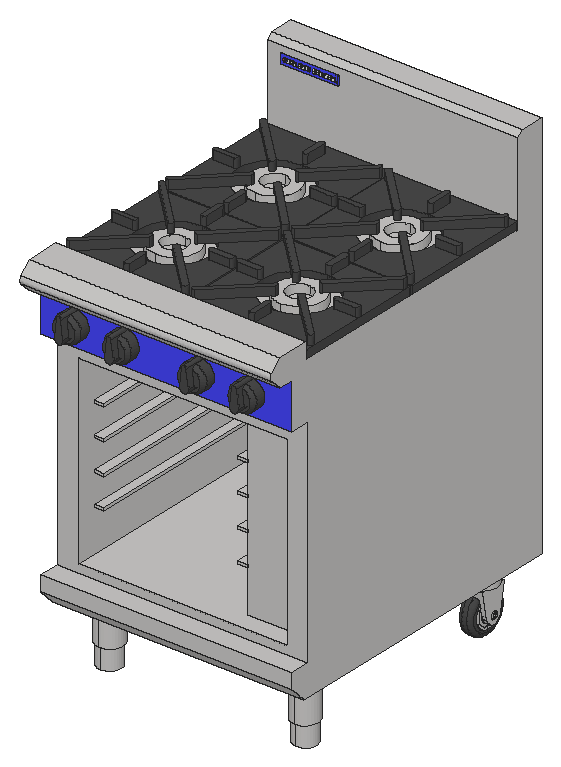
Revit family "QF_MOFFAT_BLUESEAL_CE_G514D-CB", category Specialty Equipment, Revit 2012
Parameters
  Weight in Pounds = 176  # constant formula
  Width [instance] = 600.00 mm  # constant formula
  URL Cutsheet = "www.moffat.com"
  URL = "www.moffat.com"
  Type Mark [instance] = ""
  Status [instance] = ""
  Specification by User [instance] = ""
  Specification by Manufacturer = ""
  Show Logo [instance] = yes
  Show Casters [instance] = yes
  Serial Number = ""
  Seismic Rating = ""
  SMACNA No = ""
  Revision Code [instance] = ""
  Omniclass Number and Title = ""
  NAFEM Spec ID Number = ""
  Model = "G514D-CB"
  Mechanical Remarks = ""
  Mechanical Connection Type = ""
  Masterspec = ""
  Manufacturer = "MOFFAT BLUESEAL"
  Legs [instance] = not(Show Casters)  # no
  Item Number [instance] = ""
  Installed By [instance] = ""
  Identify Quantity as Lot [instance] = yes
  Height = 1085.00 mm  # constant formula
  Gas Size = 3/4"
  Gas RI Height = 0.00 mm
  Gas KW = 28
  Gas Input = 96400.0 Btu/h
  Gas Connection Height = 0.00 mm
  Furnished By [instance] = ""
  Foodservice Equipment Identifier [instance] = yes
  Description = "600MM GAS COOK TOP ON CABINET BASE"
  Depth [instance] = 812.00 mm  # constant formula
  CSI MasterFormat = ""
  CSI Master Format = ""
  Back Splash [instance] = 215.00 mm  # constant formula
Reference planes
  plane 1 "BACK": y = 0
  plane 2: z = 0
  plane 3 "LEFT": x = 0
  plane 4 "RIGHT": x = 600
  plane 5 "FRONT": y = -812
  plane 6 "TOP": z = 970
  plane 7 "Center Y": x = 300
  plane 8 "Center X": y = -406
  plane 9 "Base Height": z = 150
  plane 10: z = 915
  plane 11: x = 65
  plane 12: x = 534
  plane 13: y = -625
  plane 14: y = -100
  plane 15: x = 470
  plane 16: z = 655
  plane 17: y = -32
  plane 18: z = 1085
Forms (mm)
  Extrusion 1, solid, material "QF_Finishes_Stainless Steel"
    sketch origin (0, 0, 0) x (0, 1, 0) y (0, 0, 1)
      loop
        line (-100, 150) -> (0, 150) -> (0, 1085) -> (-57.5, 1085) -> (-70, 1072.5) -> (-70, 875) -> (-705, 875) -> (-705, 915) -> (-783.97, 915) -> (-808.485, 890.485)
        arc (-808.485, 890.485) -> (-811.999, 882) -> (-808.485, 873.515) r 12
        line (-808.485, 873.515) -> (-784.97, 850) -> (-749, 850) -> (-749, 740) -> (-100, 740) -> (-100, 150)
      loop
        line (-749, 186) -> (-713, 150) -> (-699, 150) -> (-699, 222.5) -> (-749, 222.5) -> (-749, 186)
    from 0 to 600
  Revolve 2, solid, material "QF_Finishes_Stainless Steel", visible <- "Legs"
    sketch origin (534, -210, 0) x (0, 1, 0) y (0, 0, -1)
      loop
        line (78.25, -150) -> (110, -150) -> (110, 0) -> (82.5, 0) -> (82.5, -50) -> (78.25, -50) -> (78.25, -150)
      axis (110, -150) -> (110, 0)
    angle from 0 to 360
  Revolve 3, solid, material "QF_Finishes_Stainless Steel"
    sketch origin (534, -735, 0) x (0, 1, 0) y (0, 0, -1)
      loop
        line (78.25, -150) -> (110, -150) -> (110, 0) -> (82.5, 0) -> (82.5, -50) -> (78.25, -50) -> (78.25, -150)
      axis (110, -150) -> (110, 0)
    angle from 0 to 360
  Revolve 4, solid, material "QF_Finishes_Stainless Steel", visible <- "Legs"
    sketch origin (65, -210, 0) x (0, 1, 0) y (0, 0, -1)
      loop
        line (78.25, -150) -> (110, -150) -> (110, 0) -> (82.5, 0) -> (82.5, -50) -> (78.25, -50) -> (78.25, -150)
      axis (110, -150) -> (110, 0)
    angle from 0 to 360
  Revolve 5, solid, material "QF_Finishes_Stainless Steel"
    sketch origin (65, -735, 0) x (0, 1, 0) y (0, 0, -1)
      loop
        line (78.25, -150) -> (110, -150) -> (110, 0) -> (82.5, 0) -> (82.5, -50) -> (78.25, -50) -> (78.25, -150)
      axis (110, -150) -> (110, 0)
    angle from 0 to 360
  Revolve 6, solid, material "QF_Finishes_Black"
    sketch origin (90, 7, 600) x (0, 1, 0) y (0, 0, -1)
      loop
        line (-789, -229.5) -> (-766, -229.5) -> (-766, -202) -> (-756, -202) -> (-756, -197) -> (-800, -197) -> (-800, -223.651) -> (-789, -229.5)
      axis (-800, -197) -> (-756, -197)
    angle from 0 to 360
  Extrusion 7, solid, material "QF_Finishes_Black"
    sketch origin (228.27, 0, 600.158) x (-1, 0, 0) y (0, 0, -1)
      loop
        line (143.2, -228.94) -> (148.689, -184.854)
        arc (148.689, -184.854) -> (137.617, -174.355) -> (127.782, -186.021) r 10.487
        line (127.782, -186.021) -> (133.203, -228.94)
        arc (133.203, -228.94) -> (138.201, -233.827) -> (143.2, -228.94) r 5
    from 759 to 808
  Extrusion 8, solid, material "QF_Finishes_Stainless Steel"
    sketch origin (0, -699, 685) x (1, 0, 0) y (0, -1, 0)
      loop
        circle (470, -667) r 13.5
    from -55 to 30
  Extrusion 9, solid, material "QF_Finishes_Stainless Steel"
    sketch origin (0, -100, 685) x (0, 0, 1) y (-1, 0, 0)
      loop
        line (-535, 0) -> (-535, -600) -> (55, -600) -> (55, 0) -> (-535, 0)
      loop
        line (0, -50) -> (-442.5, -50) -> (-442.5, -550) -> (0, -550) -> (0, -50)
    from 0 to 599
  Extrusion 10, solid, material "QF_Finishes_Stainless Steel"
    sketch origin (0, -100, 685) x (0, 0, 1) y (-1, 0, 0)
      loop
        line (-266.25, -50) -> (-266.25, -75) -> (-259.9, -75) -> (-259.9, -50) -> (-266.25, -50)
      loop
        line (-184.9, -75) -> (-184.9, -50) -> (-191.25, -50) -> (-191.25, -75) -> (-184.9, -75)
      loop
        line (-341.25, -50) -> (-341.25, -75) -> (-334.9, -75) -> (-334.9, -50) -> (-341.25, -50)
      loop
        line (-109.9, -75) -> (-109.9, -50) -> (-116.25, -50) -> (-116.25, -75) -> (-109.9, -75)
      loop
        line (-266.25, -419.5) -> (-259.9, -419.5) -> (-259.9, -394.5) -> (-266.25, -394.5) -> (-266.25, -419.5)
      loop
        line (-184.9, -394.5) -> (-191.25, -394.5) -> (-191.25, -419.5) -> (-184.9, -419.5) -> (-184.9, -394.5)
      loop
        line (-341.25, -419.5) -> (-334.9, -419.5) -> (-334.9, -394.5) -> (-341.25, -394.5) -> (-341.25, -419.5)
      loop
        line (-109.9, -394.5) -> (-116.25, -394.5) -> (-116.25, -419.5) -> (-109.9, -419.5) -> (-109.9, -394.5)
    from 0 to 554
  Extrusion 11, solid, material "QF_Finishes_Stainless Steel"
    sketch origin (0, -100, 685) x (0, 0, 1) y (-1, 0, 0)
      loop
        line (0, -550) -> (0, -419.5) -> (-442.5, -419.5) -> (-442.5, -550) -> (0, -550)
    from 546.898 to 554
  Extrusion 12, void
    sketch origin (0, 0, 150) x (-1, 0, 0) y (0, -1, 0)
      loop
        line (-535.614, 87.26) -> (-535.614, -30.24) -> (-406.114, -30.24) -> (-406.114, 38.76) -> (-454.614, 87.26) -> (-535.614, 87.26)
    from 72.5 to 590
  Revolve 13, solid, material "QF_Finishes_Black"
    sketch origin (390, 7, 600) x (0, 1, 0) y (0, 0, -1)
      loop
        line (-789, -229.5) -> (-766, -229.5) -> (-766, -202) -> (-756, -202) -> (-756, -197) -> (-800, -197) -> (-800, -223.651) -> (-789, -229.5)
      axis (-800, -197) -> (-756, -197)
    angle from 0 to 360
  Extrusion 14, solid, material "QF_Finishes_Black"
    sketch origin (528.27, 0, 600.158) x (-1, 0, 0) y (0, 0, -1)
      loop
        line (143.2, -228.94) -> (148.689, -184.854)
        arc (148.689, -184.854) -> (137.617, -174.355) -> (127.782, -186.021) r 10.487
        line (127.782, -186.021) -> (133.203, -228.94)
        arc (133.203, -228.94) -> (138.201, -233.827) -> (143.2, -228.94) r 5
    from 759 to 808
  Revolve 15, solid, material "QF_Finishes_Stainless Steel", visible <- "Legs"
    sketch origin (65, -165, 0) x (0, 1, 0) y (0, 0, 1)
      loop
        line (34.25, 150) -> (34.25, 50) -> (38.5, 50) -> (38.5, 0) -> (66, 0) -> (66, 150) -> (34.25, 150)
      axis (66, 150) -> (66, 0)
    angle from 0 to 360
  Revolve 16, solid, material "QF_Finishes_Stainless Steel", visible <- "Legs"
    sketch origin (535, -165, 0) x (0, 1, 0) y (0, 0, -1)
      loop
        line (34.25, -150) -> (66, -150) -> (66, 0) -> (38.5, 0) -> (38.5, -50) -> (34.25, -50) -> (34.25, -150)
      axis (66, -150) -> (66, 0)
    angle from 0 to 360
  Revolve 17, solid, material "QF_Finishes_Stainless Steel", visible <- "Show Casters"
    sketch origin (15.776, -99.755, -13.653) x (1, 0, 0) y (0, 0, 1)
      loop
        line (14.841, 63.604) -> (83.584, 63.604) -> (83.584, 67.109) -> (82.314, 68.379) -> (80.79, 68.379) -> (80.79, 71.826) -> (68.644, 71.826) -> (68.644, 81.79) -> (65.088, 83.843) -> (63.738, 92.179) -> (65.881, 92.179) -> (65.881, 98.529) -> (65.088, 98.529) -> (65.088, 104.879)
        arc (65.088, 104.879) -> (62.298, 111.614) -> (55.563, 114.404) r 9.525
        line (55.563, 114.404) -> (42.863, 114.404)
        arc (42.863, 114.404) -> (36.127, 111.614) -> (33.338, 104.879) r 9.525
        line (33.338, 104.879) -> (33.338, 98.529) -> (32.544, 98.529) -> (32.544, 92.179) -> (34.687, 92.179) -> (33.352, 83.932) -> (29.782, 81.871) -> (29.782, 71.826) -> (17.635, 71.826) -> (17.635, 68.379) -> (16.111, 68.379) -> (14.841, 67.109) -> (14.841, 63.604)
      axis (14.841, 63.604) -> (83.584, 63.604)
    angle from 0 to 360
  Extrusion 18, solid, material "QF_Finishes_Stainless Steel", visible <- "Show Casters"
    sketch origin (71.501, 133.353, -8.783) x (0, 1, 0) y (0, 0, 1)
      loop
        line (-200.603, 118.783) -> (-264.103, 118.783) -> (-251.746, 53.895)
        arc (-251.746, 53.895) -> (-232.353, 38.783) -> (-212.959, 53.895) r 20
        line (-212.959, 53.895) -> (-200.603, 118.783)
    from -35.667 to 22.923
  Revolve 19, solid, material "QF_Finishes_Stainless Steel", visible <- "Show Casters"
    sketch origin (65, -203, 0) x (0, 1, 0) y (0, 0, 1)
      loop
        line (68.25, 150) -> (68.25, 110) -> (104, 110) -> (104, 150) -> (68.25, 150)
      axis (104, 150) -> (104, 110)
    angle from 0 to 360
  Revolve 20, solid, material "QF_Finishes_Stainless Steel", visible <- "Legs"
    sketch origin (65, -165, 0) x (0, 1, 0) y (0, 0, 1)
      loop
        line (34.25, 150) -> (34.25, 50) -> (38.5, 50) -> (38.5, 0) -> (66, 0) -> (66, 150) -> (34.25, 150)
      axis (66, 150) -> (66, 0)
    angle from 0 to 360
  Revolve 21, solid, material "QF_Finishes_Stainless Steel", visible <- "Show Casters"
    sketch origin (485.776, -99.755, -13.653) x (1, 0, 0) y (0, 0, 1)
      loop
        line (14.841, 63.604) -> (83.584, 63.604) -> (83.584, 67.109) -> (82.314, 68.379) -> (80.79, 68.379) -> (80.79, 71.826) -> (68.644, 71.826) -> (68.644, 81.79) -> (65.088, 83.843) -> (63.738, 92.179) -> (65.881, 92.179) -> (65.881, 98.529) -> (65.088, 98.529) -> (65.088, 104.879)
        arc (65.088, 104.879) -> (62.298, 111.614) -> (55.563, 114.404) r 9.525
        line (55.563, 114.404) -> (42.863, 114.404)
        arc (42.863, 114.404) -> (36.127, 111.614) -> (33.338, 104.879) r 9.525
        line (33.338, 104.879) -> (33.338, 98.529) -> (32.544, 98.529) -> (32.544, 92.179) -> (34.687, 92.179) -> (33.352, 83.932) -> (29.782, 81.871) -> (29.782, 71.826) -> (17.635, 71.826) -> (17.635, 68.379) -> (16.111, 68.379) -> (14.841, 67.109) -> (14.841, 63.604)
      axis (14.841, 63.604) -> (83.584, 63.604)
    angle from 0 to 360
  Extrusion 22, solid, material "QF_Finishes_Stainless Steel", visible <- "Show Casters"
    sketch origin (541.501, 133.353, -8.783) x (0, 1, 0) y (0, 0, 1)
      loop
        line (-200.603, 118.783) -> (-264.103, 118.783) -> (-251.746, 53.895)
        arc (-251.746, 53.895) -> (-232.353, 38.783) -> (-212.959, 53.895) r 20
        line (-212.959, 53.895) -> (-200.603, 118.783)
    from -35.667 to 22.923
  Revolve 23, solid, material "QF_Finishes_Stainless Steel", visible <- "Show Casters"
    sketch origin (535, -203, 0) x (0, 1, 0) y (0, 0, 1)
      loop
        line (68.25, 150) -> (68.25, 110) -> (104, 110) -> (104, 150) -> (68.25, 150)
      axis (104, 150) -> (104, 110)
    angle from 0 to 360
  Revolve 24, solid, material "QF_Finishes_Black"
    sketch origin (510, 7, 600) x (0, 1, 0) y (0, 0, -1)
      loop
        line (-789, -229.5) -> (-766, -229.5) -> (-766, -202) -> (-756, -202) -> (-756, -197) -> (-800, -197) -> (-800, -223.651) -> (-789, -229.5)
      axis (-800, -197) -> (-756, -197)
    angle from 0 to 360
  Extrusion 25, solid, material "QF_Finishes_Black"
    sketch origin (648.27, 0, 600.158) x (-1, 0, 0) y (0, 0, -1)
      loop
        line (143.2, -228.94) -> (148.689, -184.854)
        arc (148.689, -184.854) -> (137.617, -174.355) -> (127.782, -186.021) r 10.487
        line (127.782, -186.021) -> (133.203, -228.94)
        arc (133.203, -228.94) -> (138.201, -233.827) -> (143.2, -228.94) r 5
    from 759 to 808
  Revolve 26, solid, material "QF_Finishes_Black"
    sketch origin (210, 7, 600) x (0, 1, 0) y (0, 0, -1)
      loop
        line (-789, -229.5) -> (-766, -229.5) -> (-766, -202) -> (-756, -202) -> (-756, -197) -> (-800, -197) -> (-800, -223.651) -> (-789, -229.5)
      axis (-800, -197) -> (-756, -197)
    angle from 0 to 360
  Extrusion 27, solid, material "QF_Finishes_Black"
    sketch origin (348.27, 0, 600.158) x (-1, 0, 0) y (0, 0, -1)
      loop
        line (143.2, -228.94) -> (148.689, -184.854)
        arc (148.689, -184.854) -> (137.617, -174.355) -> (127.782, -186.021) r 10.487
        line (127.782, -186.021) -> (133.203, -228.94)
        arc (133.203, -228.94) -> (138.201, -233.827) -> (143.2, -228.94) r 5
    from 759 to 808
Cuts and joins
  Extrusion 12 cuts Extrusion 1
  joined: Extrusion 1, Extrusion 9
Lines and regions (mm)
  Split face 1
    outline origin (600, 0, 1085) x (-1, 0, 0) y (0, -1, 0)
      loop
        arc (35.206, 45.385) -> (26.545, 40.385) -> (26.545, 30.385) r 10
        line (26.545, 30.385) -> (30.587, 23.385)
        arc (30.587, 23.385) -> (34.247, 19.725) -> (39.247, 18.385) r 10
        line (39.247, 18.385) -> (267.206, 18.385)
        arc (267.206, 18.385) -> (275.866, 23.385) -> (275.866, 33.385) r 10
        line (275.866, 33.385) -> (271.824, 40.385)
        arc (271.824, 40.385) -> (268.164, 44.045) -> (263.164, 45.385) r 10
        line (263.164, 45.385) -> (35.206, 45.385)
  Split face 2
    outline origin (600, 0, 1085) x (-1, 0, 0) y (0, -1, 0)
      loop
        arc (335.206, 45.385) -> (326.545, 40.385) -> (326.545, 30.385) r 10
        line (326.545, 30.385) -> (330.587, 23.385)
        arc (330.587, 23.385) -> (334.247, 19.725) -> (339.247, 18.385) r 10
        line (339.247, 18.385) -> (567.206, 18.385)
        arc (567.206, 18.385) -> (575.866, 23.385) -> (575.866, 33.385) r 10
        line (575.866, 33.385) -> (571.824, 40.385)
        arc (571.824, 40.385) -> (568.164, 44.045) -> (563.164, 45.385) r 10
        line (563.164, 45.385) -> (335.206, 45.385)
  symbolic lines
    curve 1: line (0, 0, 0) -> (0, -812, 0)
    curve 2: line (600, 0, 0) -> (0, 0, 0)
    curve 3: line (600, -812, 0) -> (600, 0, 0)
    curve 4: line (0, -812, 0) -> (600, -812, 0)
    curve 13: line (0, -57.5, 150) -> (600, -57.5, 150)
    curve 14: line (0, -70, 150) -> (600, -70, 150)
    curve 15: line (0, -783.97, 150) -> (600, -783.97, 150)
    curve 16: line (32.794, -18.385, 0) -> (260.753, -18.385, 0)
    curve 17: arc (260.753, -18.385, 0) -> (265.753, -19.725, 0) -> (269.413, -23.385, 0) r 10
    curve 18: line (269.413, -23.385, 0) -> (273.455, -30.385, 0)
    curve 19: arc (273.455, -30.385, 0) -> (273.455, -40.385, 0) -> (264.794, -45.385, 0) r 10
    curve 20: line (264.794, -45.385, 0) -> (36.836, -45.385, 0)
    curve 21: arc (36.836, -45.385, 0) -> (31.836, -44.045, 0) -> (28.176, -40.385, 0) r 10
    curve 22: line (28.176, -40.385, 0) -> (24.134, -33.385, 0)
    curve 23: arc (24.134, -33.385, 0) -> (24.134, -23.385, 0) -> (32.794, -18.385, 0) r 10
    curve 24: line (332.794, -18.385, 0) -> (560.753, -18.385, 0)
    curve 25: arc (560.753, -18.385, 0) -> (565.753, -19.725, 0) -> (569.413, -23.385, 0) r 10
    curve 26: line (569.413, -23.385, 0) -> (573.455, -30.385, 0)
    curve 27: arc (573.455, -30.385, 0) -> (573.455, -40.385, 0) -> (564.794, -45.385, 0) r 10
    curve 28: line (564.794, -45.385, 0) -> (336.836, -45.385, 0)
    curve 29: arc (336.836, -45.385, 0) -> (331.836, -44.045, 0) -> (328.176, -40.385, 0) r 10
    curve 30: line (328.176, -40.385, 0) -> (324.134, -33.385, 0)
    curve 31: arc (324.134, -33.385, 0) -> (324.134, -23.385, 0) -> (332.794, -18.385, 0) r 10
  symbolic lines, style "SpecialityEquipmentHiddenLines", visible <- "Show Casters"
    curve 5: line (78.456, -46.735, 0) -> (105.952, -62.61, 0)
    curve 6: line (27.656, -134.723, 0) -> (78.456, -46.735, 0)
    curve 7: line (55.152, -150.598, 0) -> (27.656, -134.723, 0)
    curve 8: line (105.952, -62.61, 0) -> (55.152, -150.598, 0)
    curve 9: line (548.456, -46.735, 0) -> (575.952, -62.61, 0)
    curve 10: line (497.656, -134.723, 0) -> (548.456, -46.735, 0)
    curve 11: line (525.152, -150.598, 0) -> (497.656, -134.723, 0)
    curve 12: line (575.952, -62.61, 0) -> (525.152, -150.598, 0)
Dimensions and locks
  equal spacing: plane 3 "LEFT", plane 7 "Center Y", plane 4 "RIGHT"
  "Width": plane 3 "LEFT" to plane 4 "RIGHT"
  equal spacing: plane 5 "FRONT", plane 8 "Center X", plane 1 "BACK"
  "Depth": plane 5 "FRONT" to plane 1 "BACK"
  locked: plane 10 to level at 915
  locked: plane 9 "Base Height" to level at 150
  plane 6 "TOP" to plane 10 = 55.00 mm
  plane 13 to plane 14 = 525.00 mm
  plane 12 to plane 11 = 469.00 mm
  plane 15 to plane 4 "RIGHT" = 130.00 mm
  plane 16 to level = 655.00 mm
  plane 17 to plane 1 "BACK" = 32.00 mm
  "Height": plane 18 to plane 2
  Revolve 17 sketch curve to Revolve 17 sketch curve = 50.80 mm
  Revolve 21 sketch curve to Revolve 21 sketch curve = 50.80 mm
  Extrusion 8 sketch curve to plane 1 "BACK" = 32.00 mm
  aligned and locked: level to plane 2
Automatic sketch dimensions
  curve 1 to plane 3 "LEFT" = 0.00 mm
  curve 4 to plane 4 "RIGHT" = 0.00 mm
  plane 5 "FRONT" to curve 1 = 0.00 mm
  plane 1 "BACK" to curve 2 = 0.00 mm
  plane 3 "LEFT" to curve 7 = 27.656 mm
  curve 7 to plane 11 = 9.848 mm
  plane 11 to curve 6 = 13.456 mm
  plane 15 to curve 10 = 27.656 mm
  plane 12 to curve 11 = 8.848 mm
  curve 10 to plane 12 = 14.456 mm
  curve 12 to plane 14 = 50.598 mm
  curve 8 to plane 14 = 50.598 mm
  curve 7 to curve 7 = 15.875 mm
  curve 11 to curve 11 = 15.875 mm
  Extrusion 1 sketch curve to plane 10 = 0.00 mm
  Extrusion 1 sketch curve to plane 9 "Base Height" = 0.00 mm  (x2)
  Extrusion 1 sketch curve to plane 14 = 0.00 mm
  Extrusion 1 sketch curve to plane 18 = 0.00 mm
  Extrusion 1 sketch curve to plane 1 "BACK" = 0.00 mm
  Extrusion 1 sketch curve to plane 13 = 74.00 mm
  Extrusion 1 sketch curve to plane 10 = 40.00 mm
  Extrusion 1 sketch curve to plane 13 = 80.00 mm
  Extrusion 1 sketch curve to Extrusion 1 sketch curve = 14.00 mm
  Extrusion 1 sketch curve to Extrusion 1 sketch curve = 36.00 mm
  Extrusion 1 sketch curve to plane 5 "FRONT" = 63.00 mm
  Extrusion 1 sketch curve to plane 5 "FRONT" = 28.03 mm
  Extrusion 1 sketch curve to plane 5 "FRONT" = 27.03 mm
  Extrusion 1 sketch curve to plane 5 "FRONT" = 12.001 mm
  Extrusion 1 sketch curve to plane 5 "FRONT" = 3.515 mm  (x2)
  plane 14 to Extrusion 1 sketch curve = 30.00 mm
  Extrusion 1 sketch curve to Extrusion 1 sketch curve = 12.50 mm
  plane 9 "Base Height" to Extrusion 1 sketch curve = 36.00 mm
  Extrusion 1 sketch curve to Extrusion 1 sketch curve = 36.50 mm
  plane 16 to Extrusion 1 sketch curve = 85.00 mm
  Extrusion 1 sketch curve to Extrusion 1 sketch curve = 25.00 mm
  Extrusion 1 sketch curve to Extrusion 1 sketch curve = 23.515 mm
  Extrusion 1 sketch curve to Extrusion 1 sketch curve = 8.485 mm
  Extrusion 1 sketch curve to plane 18 = 12.50 mm
  Revolve 2 sketch curve to plane 9 "Base Height" = 0.00 mm
  Revolve 2 sketch curve to level = 0.00 mm
  Revolve 2 sketch curve to plane 14 = 0.00 mm  (x2)
  Revolve 2 sketch curve to plane 14 = 27.50 mm
  Revolve 2 sketch curve to plane 14 = 31.75 mm
  level to Revolve 2 sketch curve = 50.00 mm
  Revolve 2 sketch curve to Revolve 2 sketch curve = 0.00 mm
  Revolve 2 sketch curve to Revolve 2 sketch curve = 55.00 mm
  Revolve 3 sketch curve to plane 9 "Base Height" = 0.00 mm
  Revolve 3 sketch curve to level = 0.00 mm
  Revolve 3 sketch curve to plane 13 = 0.00 mm  (x2)
  Revolve 3 sketch curve to plane 13 = 27.50 mm
  Revolve 3 sketch curve to plane 13 = 31.75 mm
  level to Revolve 3 sketch curve = 50.00 mm
  Revolve 3 sketch curve to Revolve 3 sketch curve = 0.00 mm
  Revolve 3 sketch curve to Revolve 3 sketch curve = 55.00 mm
  Revolve 4 sketch curve to plane 9 "Base Height" = 0.00 mm
  Revolve 4 sketch curve to level = 0.00 mm
  Revolve 4 sketch curve to plane 14 = 0.00 mm  (x2)
  Revolve 4 sketch curve to plane 14 = 27.50 mm
  Revolve 4 sketch curve to plane 14 = 31.75 mm
  level to Revolve 4 sketch curve = 50.00 mm
  Revolve 4 sketch curve to Revolve 4 sketch curve = 0.00 mm
  Revolve 4 sketch curve to Revolve 4 sketch curve = 55.00 mm
  Revolve 5 sketch curve to plane 9 "Base Height" = 0.00 mm
  Revolve 5 sketch curve to level = 0.00 mm
  Revolve 5 sketch curve to plane 13 = 0.00 mm  (x2)
  Revolve 5 sketch curve to plane 13 = 27.50 mm
  Revolve 5 sketch curve to plane 13 = 31.75 mm
  level to Revolve 5 sketch curve = 50.00 mm
  Revolve 5 sketch curve to Revolve 5 sketch curve = 0.00 mm
  Revolve 5 sketch curve to Revolve 5 sketch curve = 55.00 mm
  Revolve 6 sketch curve to plane 5 "FRONT" = 19.00 mm
  Revolve 6 sketch curve to Revolve 6 sketch curve = 0.00 mm  (x2)
  Revolve 6 sketch curve to Revolve 6 sketch curve = 11.00 mm
  Revolve 6 sketch curve to Revolve 6 sketch curve = 12.70 mm
  Revolve 6 sketch curve to Revolve 6 sketch curve = 23.00 mm
  Revolve 6 sketch curve to Revolve 6 sketch curve = 10.00 mm
  Revolve 6 sketch curve to plane 10 = 85.50 mm
  Revolve 6 sketch curve to Revolve 6 sketch curve = 5.849 mm
  Revolve 6 sketch curve to Revolve 6 sketch curve = 27.50 mm
  Revolve 6 sketch curve to Revolve 6 sketch curve = 5.00 mm
  plane 11 to Extrusion 7 sketch curve = 35.487 mm
  plane 11 to Extrusion 7 sketch curve = 30.067 mm
  Extrusion 7 sketch curve to Extrusion 7 sketch curve = 4.999 mm  (x2)
  Extrusion 7 sketch curve to Extrusion 7 sketch curve = 10.419 mm
  Extrusion 7 sketch curve to Extrusion 7 sketch curve = 10.487 mm
  Extrusion 7 sketch curve to plane 10 = 85.902 mm
  Extrusion 7 sketch curve to Extrusion 7 sketch curve = 0.113 mm
  Extrusion 7 sketch curve to Extrusion 7 sketch curve = 42.919 mm
  Extrusion 7 sketch curve to Extrusion 7 sketch curve = 1.167 mm
  Extrusion 8 sketch curve to plane 15 = 0.00 mm
  Extrusion 1 to Extrusion 9 sketch curve = 0.00 mm
  Extrusion 9 sketch curve to Extrusion 1 = 0.00 mm  (x3)
  Extrusion 1 to Extrusion 9 sketch curve = 92.50 mm
  Extrusion 1 to Extrusion 9 sketch curve = 55.00 mm
  Extrusion 1 to Extrusion 9 sketch curve = 50.00 mm  (x2)
  Extrusion 1 to Extrusion 10 sketch curve = 50.00 mm  (x2)
  Extrusion 1 to Extrusion 10 sketch curve = 193.75 mm  (x2)
  Extrusion 10 sketch curve to Extrusion 10 sketch curve = 6.35 mm  (x8)
  Extrusion 10 sketch curve to Extrusion 10 sketch curve = 68.65 mm  (x6)
  Extrusion 10 sketch curve to Extrusion 10 sketch curve = 25.00 mm  (x8)
  Extrusion 10 sketch curve to Extrusion 10 sketch curve = 0.00 mm  (x4)
  Extrusion 1 to Extrusion 10 sketch curve = 75.00 mm
  Extrusion 1 to Extrusion 10 sketch curve = 205.50 mm
  Extrusion 1 to Extrusion 11 sketch curve = 92.50 mm
  Extrusion 1 to Extrusion 11 sketch curve = 55.00 mm
  Extrusion 1 to Extrusion 11 sketch curve = 50.00 mm
  Extrusion 11 sketch curve to Extrusion 11 sketch curve = 130.50 mm
  Extrusion 12 sketch curve to plane 12 = 1.614 mm
  Extrusion 12 sketch curve to plane 15 = 15.386 mm
  Extrusion 12 sketch curve to plane 17 = 6.76 mm
  Extrusion 12 sketch curve to plane 15 = 63.886 mm
  Extrusion 12 sketch curve to plane 1 "BACK" = 30.24 mm
  plane 14 to Extrusion 12 sketch curve = 12.74 mm
  Revolve 13 sketch curve to plane 5 "FRONT" = 19.00 mm
  Revolve 13 sketch curve to Revolve 13 sketch curve = 0.00 mm  (x2)
  Revolve 13 sketch curve to Revolve 13 sketch curve = 11.00 mm
  Revolve 13 sketch curve to Revolve 13 sketch curve = 12.70 mm
  Revolve 13 sketch curve to Revolve 13 sketch curve = 23.00 mm
  Revolve 13 sketch curve to Revolve 13 sketch curve = 10.00 mm
  Revolve 13 sketch curve to plane 10 = 85.50 mm
  Revolve 13 sketch curve to Revolve 13 sketch curve = 5.849 mm
  Revolve 13 sketch curve to Revolve 13 sketch curve = 27.50 mm
  Revolve 13 sketch curve to Revolve 13 sketch curve = 5.00 mm
  Extrusion 14 sketch curve to plane 15 = 69.513 mm
  Extrusion 14 sketch curve to Extrusion 14 sketch curve = 5.421 mm
  Extrusion 14 sketch curve to Extrusion 14 sketch curve = 4.999 mm  (x2)
  Extrusion 14 sketch curve to Extrusion 14 sketch curve = 10.419 mm
  Extrusion 14 sketch curve to Extrusion 14 sketch curve = 10.487 mm
  Extrusion 14 sketch curve to plane 10 = 85.902 mm
  Extrusion 14 sketch curve to Extrusion 14 sketch curve = 0.113 mm
  Extrusion 14 sketch curve to Extrusion 14 sketch curve = 42.919 mm
  Extrusion 14 sketch curve to Extrusion 14 sketch curve = 1.167 mm
  Revolve 15 sketch curve to plane 9 "Base Height" = 0.00 mm
  Revolve 15 sketch curve to level = 0.00 mm
  Revolve 15 sketch curve to plane 14 = 30.75 mm
  Revolve 15 sketch curve to plane 14 = 26.50 mm
  plane 14 to Revolve 15 sketch curve = 1.00 mm  (x2)
  Revolve 15 sketch curve to Revolve 15 sketch curve = 55.00 mm
  level to Revolve 15 sketch curve = 50.00 mm
  Revolve 15 sketch curve to Revolve 15 sketch curve = 0.00 mm
  Revolve 16 sketch curve to plane 9 "Base Height" = 0.00 mm
  Revolve 16 sketch curve to level = 0.00 mm
  Revolve 16 sketch curve to plane 14 = 30.75 mm
  Revolve 16 sketch curve to plane 14 = 26.50 mm
  plane 14 to Revolve 16 sketch curve = 1.00 mm  (x2)
  level to Revolve 16 sketch curve = 50.00 mm
  Revolve 16 sketch curve to Revolve 16 sketch curve = 0.00 mm
  Revolve 16 sketch curve to Revolve 16 sketch curve = 55.00 mm
  plane 3 "LEFT" to Revolve 17 sketch curve = 30.618 mm
  Revolve 17 sketch curve to Revolve 17 sketch curve = 1.27 mm  (x4)
  Revolve 17 sketch curve to Revolve 17 sketch curve = 1.524 mm  (x2)
  Revolve 17 sketch curve to Revolve 17 sketch curve = 12.146 mm  (x2)
  Revolve 17 sketch curve to plane 11 = 16.68 mm
  Revolve 17 sketch curve to Revolve 17 sketch curve = 0.794 mm  (x2)
  Revolve 17 sketch curve to Revolve 17 sketch curve = 3.57 mm
  Revolve 17 sketch curve to Revolve 17 sketch curve = 2.143 mm
  Revolve 17 sketch curve to plane 11 = 6.361 mm
  plane 11 to Revolve 17 sketch curve = 5.13 mm
  plane 11 to Revolve 17 sketch curve = 6.339 mm
  plane 11 to Revolve 17 sketch curve = 14.515 mm
  Revolve 17 sketch curve to Revolve 17 sketch curve = 1.349 mm  (x2)
  Revolve 17 sketch curve to Revolve 17 sketch curve = 3.556 mm
  Revolve 17 sketch curve to Revolve 17 sketch curve = 33.32 mm
  level to Revolve 17 sketch curve = 49.952 mm
  Revolve 17 sketch curve to Revolve 17 sketch curve = 0.00 mm
  Revolve 17 sketch curve to Revolve 17 sketch curve = 3.505 mm  (x2)
  Revolve 17 sketch curve to Revolve 17 sketch curve = 3.447 mm  (x2)
  Revolve 17 sketch curve to Revolve 17 sketch curve = 9.964 mm
  Revolve 17 sketch curve to Revolve 17 sketch curve = 10.045 mm
  Revolve 17 sketch curve to Revolve 17 sketch curve = 2.053 mm
  Revolve 17 sketch curve to Revolve 17 sketch curve = 2.061 mm
  Revolve 17 sketch curve to Revolve 17 sketch curve = 8.247 mm
  Revolve 17 sketch curve to Revolve 17 sketch curve = 8.336 mm
  Revolve 17 sketch curve to Revolve 17 sketch curve = 6.35 mm  (x2)
  Extrusion 18 sketch curve to plane 14 = 30.75 mm
  Extrusion 18 sketch curve to plane 14 = 18.393 mm
  plane 14 to Extrusion 18 sketch curve = 1.00 mm
  Extrusion 18 sketch curve to Extrusion 18 sketch curve = 19.393 mm
  plane 14 to Extrusion 18 sketch curve = 32.75 mm
  level to Extrusion 18 sketch curve = 45.111 mm
  Extrusion 18 sketch curve to Extrusion 18 sketch curve = 4.889 mm
  Extrusion 18 sketch curve to plane 9 "Base Height" = 40.00 mm
  Revolve 19 sketch curve to plane 9 "Base Height" = 0.00 mm
  Revolve 19 sketch curve to plane 14 = 34.75 mm
  plane 14 to Revolve 19 sketch curve = 1.00 mm  (x2)
  Revolve 19 sketch curve to plane 9 "Base Height" = 40.00 mm
  level to Revolve 19 sketch curve = 50.00 mm
  Revolve 19 sketch curve to level = 55.00 mm
  Revolve 20 sketch curve to plane 9 "Base Height" = 0.00 mm
  Revolve 20 sketch curve to level = 0.00 mm
  Revolve 20 sketch curve to plane 14 = 30.75 mm
  Revolve 20 sketch curve to plane 14 = 26.50 mm
  plane 14 to Revolve 20 sketch curve = 1.00 mm  (x2)
  Revolve 20 sketch curve to Revolve 20 sketch curve = 55.00 mm
  level to Revolve 20 sketch curve = 50.00 mm
  Revolve 20 sketch curve to Revolve 20 sketch curve = 0.00 mm
  plane 15 to Revolve 21 sketch curve = 30.618 mm
  Revolve 21 sketch curve to Revolve 21 sketch curve = 1.27 mm  (x4)
  Revolve 21 sketch curve to Revolve 21 sketch curve = 1.524 mm  (x2)
  Revolve 21 sketch curve to Revolve 21 sketch curve = 12.146 mm  (x2)
  plane 12 to Revolve 21 sketch curve = 15.68 mm
  Revolve 21 sketch curve to Revolve 21 sketch curve = 0.794 mm  (x2)
  Revolve 21 sketch curve to Revolve 21 sketch curve = 3.57 mm
  Revolve 21 sketch curve to Revolve 21 sketch curve = 2.143 mm
  plane 12 to Revolve 21 sketch curve = 5.361 mm
  Revolve 21 sketch curve to plane 12 = 6.13 mm
  Revolve 21 sketch curve to plane 12 = 7.339 mm
  Revolve 21 sketch curve to Revolve 21 sketch curve = 8.176 mm
  Revolve 21 sketch curve to Revolve 21 sketch curve = 1.349 mm  (x2)
  Revolve 21 sketch curve to Revolve 21 sketch curve = 3.556 mm
  Revolve 21 sketch curve to plane 4 "RIGHT" = 2.68 mm
  level to Revolve 21 sketch curve = 49.952 mm
  Revolve 21 sketch curve to Revolve 21 sketch curve = 0.00 mm
  Revolve 21 sketch curve to Revolve 21 sketch curve = 3.505 mm  (x2)
  Revolve 21 sketch curve to Revolve 21 sketch curve = 3.447 mm  (x2)
  Revolve 21 sketch curve to Revolve 21 sketch curve = 9.964 mm
  Revolve 21 sketch curve to Revolve 21 sketch curve = 10.045 mm
  Revolve 21 sketch curve to Revolve 21 sketch curve = 2.053 mm
  Revolve 21 sketch curve to Revolve 21 sketch curve = 2.061 mm
  Revolve 21 sketch curve to Revolve 21 sketch curve = 8.247 mm
  Revolve 21 sketch curve to Revolve 21 sketch curve = 8.336 mm
  Revolve 21 sketch curve to Revolve 21 sketch curve = 6.35 mm  (x2)
  Extrusion 22 sketch curve to plane 14 = 30.75 mm
  Extrusion 22 sketch curve to plane 14 = 18.393 mm
  plane 14 to Extrusion 22 sketch curve = 1.00 mm
  Extrusion 22 sketch curve to Extrusion 22 sketch curve = 19.393 mm
  plane 14 to Extrusion 22 sketch curve = 32.75 mm
  level to Extrusion 22 sketch curve = 45.111 mm
  Extrusion 22 sketch curve to Extrusion 22 sketch curve = 4.889 mm
  Extrusion 22 sketch curve to plane 9 "Base Height" = 40.00 mm
  Revolve 23 sketch curve to plane 9 "Base Height" = 0.00 mm
  Revolve 23 sketch curve to plane 14 = 34.75 mm
  plane 14 to Revolve 23 sketch curve = 1.00 mm  (x2)
  Revolve 23 sketch curve to plane 9 "Base Height" = 40.00 mm
  level to Revolve 23 sketch curve = 50.00 mm
  Revolve 23 sketch curve to level = 55.00 mm
  Split face 1 sketch curve to cut or joined group of Extrusion 1, Extrusion 9, Extrusion 12 = 26.545 mm
  Split face 1 sketch curve to Split face 1 sketch curve = 4.041 mm  (x4)
  Split face 1 sketch curve to Split face 1 sketch curve = 8.66 mm  (x2)
  Split face 1 sketch curve to cut or joined group of Extrusion 1, Extrusion 9, Extrusion 12 = 22.115 mm
  Split face 1 sketch curve to Split face 1 sketch curve = 223.917 mm
  Split face 1 sketch curve to cut or joined group of Extrusion 1, Extrusion 9, Extrusion 12 = 17.115 mm
  Split face 1 sketch curve to Split face 1 sketch curve = 10.00 mm
  Split face 1 sketch curve to Split face 1 sketch curve = 7.00 mm  (x3)
  Split face 2 sketch curve to cut or joined group of Extrusion 1, Extrusion 9, Extrusion 12 = 27.115 mm
  Split face 2 sketch curve to cut or joined group of Extrusion 1, Extrusion 9, Extrusion 12 = 273.455 mm
  Split face 2 sketch curve to cut or joined group of Extrusion 1, Extrusion 9, Extrusion 12 = 23.385 mm
  Split face 2 sketch curve to Split face 2 sketch curve = 4.041 mm  (x4)
  Split face 2 sketch curve to Split face 2 sketch curve = 8.66 mm  (x2)
  Split face 2 sketch curve to cut or joined group of Extrusion 1, Extrusion 9, Extrusion 12 = 22.115 mm
  Split face 2 sketch curve to cut or joined group of Extrusion 1, Extrusion 9, Extrusion 12 = 36.836 mm
  Split face 2 sketch curve to Split face 2 sketch curve = 17.00 mm
  Split face 2 sketch curve to Split face 2 sketch curve = 7.00 mm  (x2)
  Revolve 24 sketch curve to plane 5 "FRONT" = 19.00 mm
  Revolve 24 sketch curve to Revolve 24 sketch curve = 0.00 mm  (x2)
  Revolve 24 sketch curve to Revolve 24 sketch curve = 11.00 mm
  Revolve 24 sketch curve to Revolve 24 sketch curve = 12.70 mm
  Revolve 24 sketch curve to Revolve 24 sketch curve = 23.00 mm
  Revolve 24 sketch curve to Revolve 24 sketch curve = 10.00 mm
  Revolve 24 sketch curve to plane 10 = 85.50 mm
  Revolve 24 sketch curve to Revolve 24 sketch curve = 5.849 mm
  Revolve 24 sketch curve to Revolve 24 sketch curve = 27.50 mm
  Revolve 24 sketch curve to Revolve 24 sketch curve = 5.00 mm
  plane 12 to Extrusion 25 sketch curve = 13.513 mm
  plane 12 to Extrusion 25 sketch curve = 18.933 mm
  Extrusion 25 sketch curve to Extrusion 25 sketch curve = 4.999 mm  (x2)
  Extrusion 25 sketch curve to Extrusion 25 sketch curve = 10.419 mm
  Extrusion 25 sketch curve to Extrusion 25 sketch curve = 10.487 mm
  Extrusion 25 sketch curve to plane 10 = 85.902 mm
  Extrusion 25 sketch curve to Extrusion 25 sketch curve = 0.113 mm
  Extrusion 25 sketch curve to Extrusion 25 sketch curve = 42.919 mm
  Extrusion 25 sketch curve to Extrusion 25 sketch curve = 1.167 mm
  Revolve 26 sketch curve to plane 5 "FRONT" = 19.00 mm
  Revolve 26 sketch curve to Revolve 26 sketch curve = 0.00 mm  (x2)
  Revolve 26 sketch curve to Revolve 26 sketch curve = 11.00 mm
  Revolve 26 sketch curve to Revolve 26 sketch curve = 12.70 mm
  Revolve 26 sketch curve to Revolve 26 sketch curve = 23.00 mm
  Revolve 26 sketch curve to Revolve 26 sketch curve = 10.00 mm
  Revolve 26 sketch curve to plane 10 = 85.50 mm
  Revolve 26 sketch curve to Revolve 26 sketch curve = 5.849 mm
  Revolve 26 sketch curve to Revolve 26 sketch curve = 27.50 mm
  Revolve 26 sketch curve to Revolve 26 sketch curve = 5.00 mm
  Extrusion 27 sketch curve to plane 7 "Center Y" = 79.513 mm
  Extrusion 27 sketch curve to Extrusion 27 sketch curve = 5.421 mm
  Extrusion 27 sketch curve to Extrusion 27 sketch curve = 4.999 mm  (x2)
  Extrusion 27 sketch curve to Extrusion 27 sketch curve = 10.419 mm
  Extrusion 27 sketch curve to plane 10 = 85.902 mm
  Extrusion 27 sketch curve to Extrusion 27 sketch curve = 10.487 mm
  Extrusion 27 sketch curve to Extrusion 27 sketch curve = 0.113 mm
  Extrusion 27 sketch curve to Extrusion 27 sketch curve = 42.919 mm
  Extrusion 27 sketch curve to Extrusion 27 sketch curve = 1.167 mm
  curve 22 to plane 17 = 1.385 mm
  plane 3 "LEFT" to curve 22 = 24.134 mm
  curve 22 to curve 21 = 4.041 mm
  plane 17 to curve 23 = 13.615 mm
  curve 22 to curve 23 = 8.66 mm
  curve 21 to curve 21 = 8.66 mm
  curve 16 to plane 7 "Center Y" = 39.247 mm
  curve 17 to curve 19 = 4.041 mm
  plane 17 to curve 17 = 8.615 mm
  curve 16 to curve 17 = 8.66 mm
  plane 17 to curve 19 = 1.615 mm
  curve 18 to curve 19 = 4.041 mm
  curve 19 to plane 17 = 13.385 mm
  curve 21 to curve 22 = 7.00 mm
  curve 31 to plane 17 = 1.385 mm
  plane 7 "Center Y" to curve 31 = 24.134 mm
  curve 30 to plane 17 = 8.385 mm
  curve 30 to curve 30 = 4.041 mm
  plane 17 to curve 31 = 3.615 mm
  curve 30 to curve 31 = 8.66 mm
  curve 29 to plane 17 = 3.385 mm
  curve 31 to curve 29 = 4.041 mm
  curve 24 to plane 12 = 26.753 mm
  curve 9 to curve 28 = 16.339 mm
  plane 17 to curve 26 = 8.615 mm
  curve 24 to curve 26 = 8.66 mm
  plane 17 to curve 26 = 1.615 mm
  curve 25 to curve 26 = 4.041 mm
  radius of Extrusion 8 sketch curve = 13.50 mm
Nested families
  nested 1: "WALDORF LOGO_FACE BASE" at (32, -70, 1056.885) x (1, 0, 0) z (0, -1, 0), visible <- "Show Logo", type "WALDORF LOGO_FACE BASE", detail levels medium+fine
    with Show Logo yes
  nested 2: "GAS BURNER 600" at (0, -70, 875), type "GAS BURNER 600"
    with Width 600.00 mm, Type Mark "", Status "", Specification by User "", Revision Code "", Item Number "", Installed By "", Identify Quantity as Lot yes, Furnished By "", Foodservice Equipment Identifier yes, Depth 635.00 mm
Connectors
  piping at (470, -32, 655)
    settings: on Extrusion 8, index 1, connector radius 0.37402", flow factor 0, pipe flow 0 GPM, pressure drop 0.00 psi, fitting loss kfactor 0, connector angle 0.00°, fixture units 0, engagement length 0.00 mm, flow configuration 1, flow direction 1, fitting loss method 0, system type 7, joint type 0, gender type 0, connector reference index -1, connector utility 0, adjustable connector no, is connector primary yes, fitting loss table "", connector description "GAS CONNECTION"
Definition of nested family "WALDORF LOGO_FACE BASE"
  Parameters (values of type "WALDORF LOGO_FACE BASE")
    Show Logo [instance] = yes
    Default Elevation = 1219.20 mm
  Reference planes
    plane 1 "Center (Front/Back)": y = 0
    plane 2: z = 0
    plane 3 "Center (Left/Right)": x = 0
  Forms (mm)
    Extrusion 1, solid
      sketch origin (0, 0, 0) x (1, 0, 0) y (0, 1, 0)
        loop
          line (-1219.2, 1219.2) -> (-1219.2, -1219.2) -> (1219.2, -1219.2) -> (1219.2, 1219.2) -> (-1219.2, 1219.2)
      from 0 to -304.8
    Extrusion 2, solid, material "QF_Finishes_Blue", visible <- "Show Logo"
      sketch origin (0, -33.217, 0) x (1, 0, 0) y (0, 1, 0)
        loop
          arc (138, 31.942) -> (137.626, 32.844) -> (136.724, 33.217) r 1.276
          line (136.724, 33.217) -> (1.29, 33.217)
          arc (1.29, 33.217) -> (0.378, 32.839) -> (0, 31.927) r 1.29
          line (0, 31.927) -> (0, 11.507)
          arc (0, 11.507) -> (0.378, 10.595) -> (1.29, 10.217) r 1.29
          line (1.29, 10.217) -> (136.71, 10.217)
          arc (136.71, 10.217) -> (137.622, 10.595) -> (138, 11.507) r 1.29
          line (138, 11.507) -> (138, 31.942)
      from 0 to 1.588
    Extrusion 3, solid, material "QF_Finishes_White", visible <- "Show Logo"
      sketch origin (0, -33.217, 1.588) x (1, 0, 0) y (0, 1, 0)
        loop
          arc (108.946, 25.919) -> (107.613, 25.367) -> (107.061, 24.034) r 1.885
          line (107.061, 24.034) -> (107.061, 17.211) -> (112.704, 17.211) -> (112.704, 19.129) -> (115.546, 19.129) -> (115.546, 17.211) -> (121.584, 17.211) -> (121.584, 24.075)
          arc (121.584, 24.075) -> (121.043, 25.379) -> (119.739, 25.919) r 1.845
          line (119.739, 25.919) -> (108.946, 25.919)
        loop
          line (123.478, 25.919) -> (123.478, 17.163) -> (134.904, 17.163) -> (134.904, 19.129) -> (129.246, 19.129) -> (129.246, 25.919) -> (123.478, 25.919)
        loop
          line (112.704, 21.258) -> (115.546, 21.258) -> (115.546, 22.702)
          arc (115.546, 22.702) -> (115.344, 23.188) -> (114.858, 23.389) r 0.687
          line (114.858, 23.389) -> (113.363, 23.389)
          arc (113.363, 23.389) -> (112.897, 23.196) -> (112.704, 22.73) r 0.658
          line (112.704, 22.73) -> (112.704, 21.258)
        loop
          line (105.071, 25.919) -> (93.771, 25.919) -> (93.771, 17.163) -> (105.071, 17.163) -> (105.071, 19.063) -> (99.535, 19.063) -> (99.535, 20.437) -> (105.071, 20.437) -> (105.071, 22.278) -> (99.535, 22.278) -> (99.535, 23.587) -> (105.071, 23.587) -> (105.071, 25.919)
        loop
          line (91.104, 25.919) -> (79.541, 25.919)
          arc (79.541, 25.919) -> (78.558, 25.513) -> (78.152, 24.53) r 1.389
          line (78.152, 24.53) -> (78.152, 22.08)
          arc (78.152, 22.08) -> (78.558, 21.098) -> (79.541, 20.691) r 1.389
          line (79.541, 20.691) -> (86.346, 20.691) -> (86.346, 18.864) -> (83.266, 18.864) -> (83.266, 19.664) -> (78.152, 19.664) -> (78.152, 18.553)
          arc (78.152, 18.553) -> (78.558, 17.57) -> (79.541, 17.163) r 1.389
          line (79.541, 17.163) -> (91.063, 17.163)
          arc (91.063, 17.163) -> (92.045, 17.57) -> (92.452, 18.553) r 1.389
          line (92.452, 18.553) -> (92.452, 20.691)
          arc (92.452, 20.691) -> (92.045, 21.673) -> (91.063, 22.08) r 1.389
          line (91.063, 22.08) -> (83.266, 22.08) -> (83.266, 23.984) -> (86.346, 23.984) -> (86.346, 22.743) -> (92.452, 22.743) -> (92.452, 24.571)
          arc (92.452, 24.571) -> (92.057, 25.524) -> (91.104, 25.919) r 1.348
        loop
          line (70.705, 25.919) -> (59.405, 25.919) -> (59.405, 17.163) -> (70.705, 17.163) -> (70.705, 19.063) -> (65.169, 19.063) -> (65.169, 20.437) -> (70.705, 20.437) -> (70.705, 22.278) -> (65.169, 22.278) -> (65.169, 23.587) -> (70.705, 23.587) -> (70.705, 25.919)
        loop
          line (57.598, 25.919) -> (51.7, 25.919) -> (51.7, 20.18)
          arc (51.7, 20.18) -> (50.63, 19.11) -> (49.56, 20.18) r 1.07
          line (49.56, 20.18) -> (49.56, 25.919) -> (43.663, 25.919) -> (43.663, 19.049)
          arc (43.663, 19.049) -> (44.215, 17.716) -> (45.548, 17.163) r 1.885
          line (45.548, 17.163) -> (55.71, 17.163)
          arc (55.71, 17.163) -> (57.045, 17.716) -> (57.598, 19.051) r 1.887
          line (57.598, 19.051) -> (57.598, 25.919)
        loop
          line (31.62, 25.919) -> (31.62, 17.163) -> (43.046, 17.163) -> (43.046, 19.129) -> (37.388, 19.129) -> (37.388, 25.919) -> (31.62, 25.919)
        loop
          line (15.969, 25.919) -> (15.969, 17.163) -> (28.693, 17.163)
          arc (28.693, 17.163) -> (29.812, 17.627) -> (30.276, 18.746) r 1.582
          line (30.276, 18.746) -> (30.276, 20.447) -> (29.48, 21.243) -> (30.276, 22.039) -> (30.276, 24.332)
          arc (30.276, 24.332) -> (29.811, 25.454) -> (28.688, 25.919) r 1.587
          line (28.688, 25.919) -> (15.969, 25.919)
        loop
          line (21.449, 24.159) -> (21.449, 22.436) -> (23.862, 22.436)
          arc (23.862, 22.436) -> (24.723, 23.298) -> (23.862, 24.159) r 0.861
          line (23.862, 24.159) -> (21.449, 24.159)
        loop
          line (21.449, 20.244) -> (21.449, 18.522) -> (23.862, 18.522)
          arc (23.862, 18.522) -> (24.723, 19.383) -> (23.862, 20.244) r 0.861
          line (23.862, 20.244) -> (21.449, 20.244)
      from 0 to 0.2
    Extrusion 4, solid, material "QF_Finishes_Blue", visible <- "Show Logo"
      sketch origin (-126.498, -31.09, 1.588) x (1, 0, 0) y (0, 1, 0)
        loop
          line (136.738, 23.522) -> (136.738, 15.1)
          arc (136.738, 15.1) -> (140.756, 19.311) -> (136.738, 23.522) r 4.216
      from 0 to 0.2
    Extrusion 5, solid, material "QF_Finishes_Red", visible <- "Show Logo"
      sketch origin (146.849, -31.09, 1.588) x (-1, 0, 0) y (0, -1, 0)
        loop
          arc (136.738, -23.522) -> (140.756, -19.311) -> (136.738, -15.1) r 4.216
          line (136.738, -15.1) -> (136.738, -23.522)
      from 0 to 0.2
  Lines and regions (mm)
    Split face 1
      outline origin (-90.35, -30.793, 1.588) x (1, 0, 0) y (0, 1, 0)
        loop
          circle (100.54, 19.013) r 4.536
  Dimensions and locks
    aligned and locked: plane 2 to Extrusion 1
    aligned and locked: level to Extrusion 1
Definition of nested family "GAS BURNER 600"
  Parameters (values of type "GAS BURNER 600")
    Width [instance] = 600.00 mm
    Weight in Pounds = 0
    URL Cutsheet = ""
    Type Mark [instance] = ""
    Status [instance] = ""
    Specification by User [instance] = ""
    Specification by Manufacturer = ""
    Serial Number = ""
    Seismic Rating = ""
    SMACNA No = ""
    Revision Code [instance] = ""
    Omniclass Number and Title = ""
    NAFEM Spec ID Number = ""
    Masterspec = ""
    Item Number [instance] = ""
    Installed By [instance] = ""
    Identify Quantity as Lot [instance] = yes
    Furnished By [instance] = ""
    Foodservice Equipment Identifier [instance] = yes
    Depth [instance] = 635.00 mm
    CSI MasterFormat = ""
    CSI Master Format = ""
  Reference planes
    plane 1 "BACK": y = 0
    plane 2: z = 0
    plane 3 "LEFT": x = 0
    plane 4 "RIGHT": x = 600
    plane 5 "FRONT": y = -635
    plane 6 "TOP": z = 142.5
    plane 7 "Center Y": x = 300
    plane 8 "Center X": y = -317.5
  Forms (mm)
    Extrusion 1, solid, material "QF_Finishes_Black"
      sketch origin (0, 0, 0) x (0, -1, 0) y (1, 0, 0)
        loop
          line (318.5, 4) -> (318.5, 296)
          arc (318.5, 296) -> (317.621, 298.121) -> (315.5, 299) r 3
          line (315.5, 299) -> (3, 299)
          arc (3, 299) -> (0.879, 298.121) -> (0, 296) r 3
          line (0, 296) -> (0, 4)
          arc (0, 4) -> (0.879, 1.879) -> (3, 1) r 3
          line (3, 1) -> (315.5, 1)
          arc (315.5, 1) -> (317.621, 1.879) -> (318.5, 4) r 3
        loop
          line (324.5, 1) -> (632, 1)
          arc (632, 1) -> (634.121, 1.879) -> (635, 4) r 3
          line (635, 4) -> (635, 296)
          arc (635, 296) -> (634.121, 298.121) -> (632, 299) r 3
          line (632, 299) -> (324.5, 299)
          arc (324.5, 299) -> (322.379, 298.121) -> (321.5, 296) r 3
          line (321.5, 296) -> (321.5, 4)
          arc (321.5, 4) -> (322.379, 1.879) -> (324.5, 1) r 3
        loop
          circle (168.5, 149.991) r 84.082
        loop
          circle (468.5, 149.991) r 84.082
      from 0 to 19.5
    Extrusion 2, solid, material "QF_Finishes_Black"
      sketch origin (0, 0, 19.5) x (0, -1, 0) y (1, 0, 0)
        loop
          spline (326.102, 15.153) -> (325.181, 13.924) -> (324.631, 12.47) -> (324.49, 10.89) -> (324.767, 9.292) -> (325.443, 7.786) -> (326.473, 6.473) -> (327.786, 5.443) -> (329.292, 4.767) -> (330.89, 4.49) -> (332.47, 4.631) -> (333.924, 5.181) -> (335.153, 6.102)
          line (335.153, 6.102) -> (443.076, 114.025)
          spline (443.076, 114.025) -> (443.837, 115.095) -> (444.238, 116.399) -> (444.251, 117.851) -> (443.875, 119.35) -> (443.137, 120.795) -> (442.086, 122.086) -> (440.795, 123.137) -> (439.35, 123.875) -> (437.851, 124.251) -> (436.399, 124.238) -> (435.095, 123.837) -> (434.025, 123.076)
          line (434.025, 123.076) -> (326.102, 15.153)
        loop
          spline (328.898, 156.4) -> (327.604, 156.182) -> (326.398, 155.543) -> (325.362, 154.525) -> (324.568, 153.2) -> (324.068, 151.656) -> (323.898, 150) -> (324.068, 148.344) -> (324.568, 146.8) -> (325.362, 145.475) -> (326.398, 144.457) -> (327.604, 143.818) -> (328.898, 143.6)
          line (328.898, 143.6) -> (378.102, 143.6)
          spline (378.102, 143.6) -> (379.396, 143.818) -> (380.602, 144.457) -> (381.638, 145.475) -> (382.432, 146.8) -> (382.932, 148.344) -> (383.102, 150) -> (382.932, 151.656) -> (382.432, 153.2) -> (381.638, 154.525) -> (380.602, 155.543) -> (379.396, 156.182) -> (378.102, 156.4)
          line (378.102, 156.4) -> (328.898, 156.4)
        loop
          spline (335.153, 293.898) -> (334.084, 294.659) -> (332.779, 295.059) -> (331.328, 295.072) -> (329.829, 294.697) -> (328.384, 293.959) -> (327.092, 292.908) -> (326.041, 291.616) -> (325.303, 290.171) -> (324.928, 288.672) -> (324.941, 287.221) -> (325.341, 285.916) -> (326.102, 284.847)
          line (326.102, 284.847) -> (434.025, 176.924)
          spline (434.025, 176.924) -> (435.095, 176.163) -> (436.399, 175.762) -> (437.851, 175.749) -> (439.35, 176.125) -> (440.795, 176.863) -> (442.086, 177.914) -> (443.137, 179.205) -> (443.875, 180.65) -> (444.251, 182.149) -> (444.238, 183.601) -> (443.837, 184.905) -> (443.076, 185.975)
          line (443.076, 185.975) -> (335.153, 293.898)
        loop
          line (463.6, 291.102) -> (463.6, 241.898)
          spline (463.6, 241.898) -> (463.818, 240.604) -> (464.457, 239.398) -> (465.475, 238.362) -> (466.8, 237.568) -> (468.344, 237.068) -> (470, 236.898) -> (471.656, 237.068) -> (473.2, 237.568) -> (474.525, 238.362) -> (475.543, 239.398) -> (476.182, 240.604) -> (476.4, 241.898)
          line (476.4, 241.898) -> (476.4, 291.102)
          spline (476.4, 291.102) -> (476.182, 292.396) -> (475.543, 293.602) -> (474.525, 294.638) -> (473.2, 295.432) -> (471.656, 295.932) -> (470, 296.102) -> (468.344, 295.932) -> (466.8, 295.432) -> (465.475, 294.638) -> (464.457, 293.602) -> (463.818, 292.396) -> (463.6, 291.102)
        loop
          spline (612.398, 284.847) -> (613.159, 285.916) -> (613.559, 287.221) -> (613.572, 288.672) -> (613.197, 290.171) -> (612.459, 291.616) -> (611.408, 292.908) -> (610.116, 293.959) -> (608.671, 294.697) -> (607.172, 295.072) -> (605.721, 295.059) -> (604.416, 294.659) -> (603.347, 293.898)
          line (603.347, 293.898) -> (496.924, 185.975)
          spline (496.924, 185.975) -> (496.163, 184.905) -> (495.762, 183.601) -> (495.749, 182.149) -> (496.125, 180.65) -> (496.863, 179.205) -> (497.914, 177.914) -> (499.205, 176.863) -> (500.65, 176.125) -> (502.149, 175.749) -> (503.601, 175.762) -> (504.905, 176.163) -> (505.975, 176.924)
          line (505.975, 176.924) -> (612.398, 284.847)
        loop
          spline (609.602, 143.6) -> (610.896, 143.818) -> (612.102, 144.457) -> (613.138, 145.475) -> (613.932, 146.8) -> (614.432, 148.344) -> (614.602, 150) -> (614.432, 151.656) -> (613.932, 153.2) -> (613.138, 154.525) -> (612.102, 155.543) -> (610.896, 156.182) -> (609.602, 156.4)
          line (609.602, 156.4) -> (561.898, 156.4)
          spline (561.898, 156.4) -> (560.604, 156.182) -> (559.398, 155.543) -> (558.362, 154.525) -> (557.568, 153.2) -> (557.068, 151.656) -> (556.898, 150) -> (557.068, 148.344) -> (557.568, 146.8) -> (558.362, 145.475) -> (559.398, 144.457) -> (560.604, 143.818) -> (561.898, 143.6)
          line (561.898, 143.6) -> (609.602, 143.6)
        loop
          line (612.398, 15.153) -> (505.975, 123.076)
          spline (505.975, 123.076) -> (504.905, 123.837) -> (503.601, 124.238) -> (502.149, 124.251) -> (500.65, 123.875) -> (499.205, 123.137) -> (497.914, 122.086) -> (496.863, 120.795) -> (496.125, 119.35) -> (495.749, 117.851) -> (495.762, 116.399) -> (496.163, 115.095) -> (496.924, 114.025)
          line (496.924, 114.025) -> (603.347, 6.102)
          spline (603.347, 6.102) -> (604.416, 5.341) -> (605.721, 4.941) -> (607.172, 4.928) -> (608.671, 5.303) -> (610.116, 6.041) -> (611.408, 7.092) -> (612.459, 8.384) -> (613.197, 9.829) -> (613.572, 11.328) -> (613.559, 12.779) -> (613.159, 14.084) -> (612.398, 15.153)
        loop
          line (476.4, 8.898) -> (476.4, 58.102)
          spline (476.4, 58.102) -> (476.182, 59.396) -> (475.543, 60.602) -> (474.525, 61.638) -> (473.2, 62.432) -> (471.656, 62.932) -> (470, 63.102) -> (468.344, 62.932) -> (466.8, 62.432) -> (465.475, 61.638) -> (464.457, 60.602) -> (463.818, 59.396) -> (463.6, 58.102)
          line (463.6, 58.102) -> (463.6, 8.898)
          spline (463.6, 8.898) -> (463.818, 7.604) -> (464.457, 6.398) -> (465.475, 5.362) -> (466.8, 4.568) -> (468.344, 4.068) -> (470, 3.898) -> (471.656, 4.068) -> (473.2, 4.568) -> (474.525, 5.362) -> (475.543, 6.398) -> (476.182, 7.604) -> (476.4, 8.898)
        loop
          spline (22.602, 15.153) -> (21.681, 13.924) -> (21.131, 12.47) -> (20.99, 10.89) -> (21.267, 9.292) -> (21.943, 7.786) -> (22.973, 6.473) -> (24.286, 5.443) -> (25.792, 4.767) -> (27.39, 4.49) -> (28.97, 4.631) -> (30.424, 5.181) -> (31.653, 6.102)
          line (31.653, 6.102) -> (139.576, 114.025)
          spline (139.576, 114.025) -> (140.337, 115.095) -> (140.738, 116.399) -> (140.751, 117.851) -> (140.375, 119.35) -> (139.637, 120.795) -> (138.586, 122.086) -> (137.295, 123.137) -> (135.85, 123.875) -> (134.351, 124.251) -> (132.899, 124.238) -> (131.595, 123.837) -> (130.525, 123.076)
          line (130.525, 123.076) -> (22.602, 15.153)
        loop
          spline (25.398, 156.4) -> (24.104, 156.182) -> (22.898, 155.543) -> (21.862, 154.525) -> (21.068, 153.2) -> (20.568, 151.656) -> (20.398, 150) -> (20.568, 148.344) -> (21.068, 146.8) -> (21.862, 145.475) -> (22.898, 144.457) -> (24.104, 143.818) -> (25.398, 143.6)
          line (25.398, 143.6) -> (74.602, 143.6)
          spline (74.602, 143.6) -> (75.896, 143.818) -> (77.102, 144.457) -> (78.138, 145.475) -> (78.932, 146.8) -> (79.432, 148.344) -> (79.602, 150) -> (79.432, 151.656) -> (78.932, 153.2) -> (78.138, 154.525) -> (77.102, 155.543) -> (75.896, 156.182) -> (74.602, 156.4)
          line (74.602, 156.4) -> (25.398, 156.4)
        loop
          spline (31.653, 293.898) -> (30.584, 294.659) -> (29.279, 295.059) -> (27.828, 295.072) -> (26.329, 294.697) -> (24.884, 293.959) -> (23.592, 292.908) -> (22.541, 291.616) -> (21.803, 290.171) -> (21.428, 288.672) -> (21.441, 287.221) -> (21.841, 285.916) -> (22.602, 284.847)
          line (22.602, 284.847) -> (130.525, 176.924)
          spline (130.525, 176.924) -> (131.595, 176.163) -> (132.899, 175.762) -> (134.351, 175.749) -> (135.85, 176.125) -> (137.295, 176.863) -> (138.586, 177.914) -> (139.637, 179.205) -> (140.375, 180.65) -> (140.751, 182.149) -> (140.738, 183.601) -> (140.337, 184.905) -> (139.576, 185.975)
          line (139.576, 185.975) -> (31.653, 293.898)
        loop
          line (160.1, 291.102) -> (160.1, 241.898)
          spline (160.1, 241.898) -> (160.318, 240.604) -> (160.957, 239.398) -> (161.975, 238.362) -> (163.3, 237.568) -> (164.844, 237.068) -> (166.5, 236.898) -> (168.156, 237.068) -> (169.7, 237.568) -> (171.025, 238.362) -> (172.043, 239.398) -> (172.682, 240.604) -> (172.9, 241.898)
          line (172.9, 241.898) -> (172.9, 291.102)
          spline (172.9, 291.102) -> (172.682, 292.396) -> (172.043, 293.602) -> (171.025, 294.638) -> (169.7, 295.432) -> (168.156, 295.932) -> (166.5, 296.102) -> (164.844, 295.932) -> (163.3, 295.432) -> (161.975, 294.638) -> (160.957, 293.602) -> (160.318, 292.396) -> (160.1, 291.102)
        loop
          spline (313.898, 284.847) -> (314.659, 285.916) -> (315.059, 287.221) -> (315.072, 288.672) -> (314.697, 290.171) -> (313.959, 291.616) -> (312.908, 292.908) -> (311.616, 293.959) -> (310.171, 294.697) -> (308.672, 295.072) -> (307.221, 295.059) -> (305.916, 294.659) -> (304.847, 293.898)
          line (304.847, 293.898) -> (193.424, 185.975)
          spline (193.424, 185.975) -> (192.663, 184.905) -> (192.262, 183.601) -> (192.249, 182.149) -> (192.625, 180.65) -> (193.363, 179.205) -> (194.414, 177.914) -> (195.705, 176.863) -> (197.15, 176.125) -> (198.649, 175.749) -> (200.101, 175.762) -> (201.405, 176.163) -> (202.475, 176.924)
          line (202.475, 176.924) -> (313.898, 284.847)
        loop
          spline (311.102, 143.6) -> (312.396, 143.818) -> (313.602, 144.457) -> (314.638, 145.475) -> (315.432, 146.8) -> (315.932, 148.344) -> (316.102, 150) -> (315.932, 151.656) -> (315.432, 153.2) -> (314.638, 154.525) -> (313.602, 155.543) -> (312.396, 156.182) -> (311.102, 156.4)
          line (311.102, 156.4) -> (261.898, 156.4)
          spline (261.898, 156.4) -> (260.604, 156.182) -> (259.398, 155.543) -> (258.362, 154.525) -> (257.568, 153.2) -> (257.068, 151.656) -> (256.898, 150) -> (257.068, 148.344) -> (257.568, 146.8) -> (258.362, 145.475) -> (259.398, 144.457) -> (260.604, 143.818) -> (261.898, 143.6)
          line (261.898, 143.6) -> (311.102, 143.6)
        loop
          line (313.898, 15.153) -> (202.475, 123.076)
          spline (202.475, 123.076) -> (201.405, 123.837) -> (200.101, 124.238) -> (198.649, 124.251) -> (197.15, 123.875) -> (195.705, 123.137) -> (194.414, 122.086) -> (193.363, 120.795) -> (192.625, 119.35) -> (192.249, 117.851) -> (192.262, 116.399) -> (192.663, 115.095) -> (193.424, 114.025)
          line (193.424, 114.025) -> (304.847, 6.102)
          spline (304.847, 6.102) -> (305.916, 5.341) -> (307.221, 4.941) -> (308.672, 4.928) -> (310.171, 5.303) -> (311.616, 6.041) -> (312.908, 7.092) -> (313.959, 8.384) -> (314.697, 9.829) -> (315.072, 11.328) -> (315.059, 12.779) -> (314.659, 14.084) -> (313.898, 15.153)
        loop
          line (172.9, 8.898) -> (172.9, 58.102)
          spline (172.9, 58.102) -> (172.682, 59.396) -> (172.043, 60.602) -> (171.025, 61.638) -> (169.7, 62.432) -> (168.156, 62.932) -> (166.5, 63.102) -> (164.844, 62.932) -> (163.3, 62.432) -> (161.975, 61.638) -> (160.957, 60.602) -> (160.318, 59.396) -> (160.1, 58.102)
          line (160.1, 58.102) -> (160.1, 8.898)
